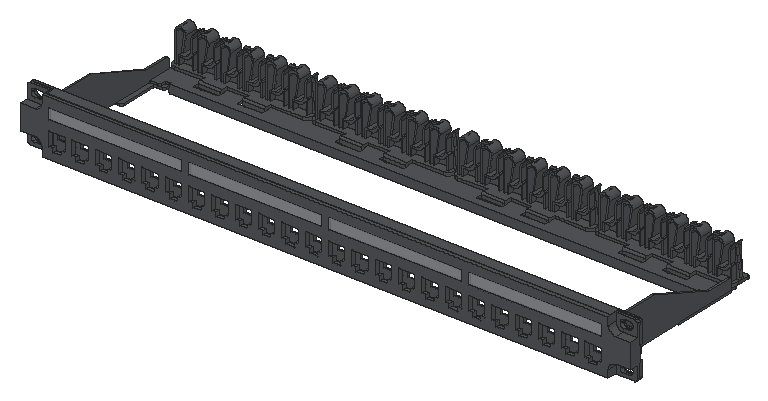
Revit family "Patch panel", category Equipement spécialisé, Revit 2020 (continued)
Forms (mm)
  Extrusion 73, solid, material "IDS_NOIR" <- "Color"
    from 0 to -1.5
  Extrusion 74, solid, material "IDS_NOIR" <- "Color"
    sketch origin (-18.1, 127.2, 8.1) x (0, 1, 0) y (1, 0, 0)
      loop
        line (97.1, 215.05) -> (97.1, 210.05) -> (103.1, 210.05) -> (103.1, 209.05)
        arc (103.1, 209.05) -> (103.393, 208.343) -> (104.1, 208.05) r 1
        line (104.1, 208.05) -> (105.1, 208.05)
        arc (105.1, 208.05) -> (105.807, 208.343) -> (106.1, 209.05) r 1
        line (106.1, 209.05) -> (106.1, 216.05)
        arc (106.1, 216.05) -> (105.807, 216.757) -> (105.1, 217.05) r 1
        line (105.1, 217.05) -> (104.1, 217.05)
        arc (104.1, 217.05) -> (103.393, 216.757) -> (103.1, 216.05) r 1
        line (103.1, 216.05) -> (103.1, 215.05) -> (97.1, 215.05)
    from 0 to -1.5
  Extrusion 75, solid, material "IDS_NOIR" <- "Color"
    sketch origin (-36.2, 127.2, 8.1) x (0, 1, 0) y (1, 0, 0)
      loop
        line (97.1, 215.05) -> (97.1, 210.05) -> (103.1, 210.05) -> (103.1, 209.05)
        arc (103.1, 209.05) -> (103.393, 208.343) -> (104.1, 208.05) r 1
        line (104.1, 208.05) -> (105.1, 208.05)
        arc (105.1, 208.05) -> (105.807, 208.343) -> (106.1, 209.05) r 1
        line (106.1, 209.05) -> (106.1, 216.05)
        arc (106.1, 216.05) -> (105.807, 216.757) -> (105.1, 217.05) r 1
        line (105.1, 217.05) -> (104.1, 217.05)
        arc (104.1, 217.05) -> (103.393, 216.757) -> (103.1, 216.05) r 1
        line (103.1, 216.05) -> (103.1, 215.05) -> (97.1, 215.05)
    from 0 to -1.5
  Extrusion 76, solid, material "IDS_NOIR" <- "Color"
    sketch origin (-54.3, 127.2, 8.1) x (0, 1, 0) y (1, 0, 0)
      loop
        line (97.1, 215.05) -> (97.1, 210.05) -> (103.1, 210.05) -> (103.1, 209.05)
        arc (103.1, 209.05) -> (103.393, 208.343) -> (104.1, 208.05) r 1
        line (104.1, 208.05) -> (105.1, 208.05)
        arc (105.1, 208.05) -> (105.807, 208.343) -> (106.1, 209.05) r 1
        line (106.1, 209.05) -> (106.1, 216.05)
        arc (106.1, 216.05) -> (105.807, 216.757) -> (105.1, 217.05) r 1
        line (105.1, 217.05) -> (104.1, 217.05)
        arc (104.1, 217.05) -> (103.393, 216.757) -> (103.1, 216.05) r 1
        line (103.1, 216.05) -> (103.1, 215.05) -> (97.1, 215.05)
    from 0 to -1.5
  Extrusion 77, solid, material "IDS_NOIR" <- "Color"
    sketch origin (-72.4, 127.2, 8.1) x (0, 1, 0) y (1, 0, 0)
      loop
        line (97.1, 215.05) -> (97.1, 210.05) -> (103.1, 210.05) -> (103.1, 209.05)
        arc (103.1, 209.05) -> (103.393, 208.343) -> (104.1, 208.05) r 1
        line (104.1, 208.05) -> (105.1, 208.05)
        arc (105.1, 208.05) -> (105.807, 208.343) -> (106.1, 209.05) r 1
        line (106.1, 209.05) -> (106.1, 216.05)
        arc (106.1, 216.05) -> (105.807, 216.757) -> (105.1, 217.05) r 1
        line (105.1, 217.05) -> (104.1, 217.05)
        arc (104.1, 217.05) -> (103.393, 216.757) -> (103.1, 216.05) r 1
        line (103.1, 216.05) -> (103.1, 215.05) -> (97.1, 215.05)
    from 0 to -1.5
  Extrusion 78, solid, material "IDS_NOIR" <- "Color"
    sketch origin (-90.5, 127.2, 8.1) x (0, 1, 0) y (1, 0, 0)
      loop
        line (97.1, 215.05) -> (97.1, 210.05) -> (103.1, 210.05) -> (103.1, 209.05)
        arc (103.1, 209.05) -> (103.393, 208.343) -> (104.1, 208.05) r 1
        line (104.1, 208.05) -> (105.1, 208.05)
        arc (105.1, 208.05) -> (105.807, 208.343) -> (106.1, 209.05) r 1
        line (106.1, 209.05) -> (106.1, 216.05)
        arc (106.1, 216.05) -> (105.807, 216.757) -> (105.1, 217.05) r 1
        line (105.1, 217.05) -> (104.1, 217.05)
        arc (104.1, 217.05) -> (103.393, 216.757) -> (103.1, 216.05) r 1
        line (103.1, 216.05) -> (103.1, 215.05) -> (97.1, 215.05)
    from 0 to -1.5
  Extrusion 79, solid, material "IDS_NOIR" <- "Color"
    sketch origin (-112, 127.2, 8.1) x (0, 1, 0) y (1, 0, 0)
      loop
        line (97.1, 215.05) -> (97.1, 210.05) -> (103.1, 210.05) -> (103.1, 209.05)
        arc (103.1, 209.05) -> (103.393, 208.343) -> (104.1, 208.05) r 1
        line (104.1, 208.05) -> (105.1, 208.05)
        arc (105.1, 208.05) -> (105.807, 208.343) -> (106.1, 209.05) r 1
        line (106.1, 209.05) -> (106.1, 216.05)
        arc (106.1, 216.05) -> (105.807, 216.757) -> (105.1, 217.05) r 1
        line (105.1, 217.05) -> (104.1, 217.05)
        arc (104.1, 217.05) -> (103.393, 216.757) -> (103.1, 216.05) r 1
        line (103.1, 216.05) -> (103.1, 215.05) -> (97.1, 215.05)
    from 0 to -1.5
  Extrusion 80, solid, material "IDS_NOIR" <- "Color"
    sketch origin (-130.1, 127.2, 8.1) x (0, 1, 0) y (1, 0, 0)
      loop
        line (97.1, 215.05) -> (97.1, 210.05) -> (103.1, 210.05) -> (103.1, 209.05)
        arc (103.1, 209.05) -> (103.393, 208.343) -> (104.1, 208.05) r 1
        line (104.1, 208.05) -> (105.1, 208.05)
        arc (105.1, 208.05) -> (105.807, 208.343) -> (106.1, 209.05) r 1
        line (106.1, 209.05) -> (106.1, 216.05)
        arc (106.1, 216.05) -> (105.807, 216.757) -> (105.1, 217.05) r 1
        line (105.1, 217.05) -> (104.1, 217.05)
        arc (104.1, 217.05) -> (103.393, 216.757) -> (103.1, 216.05) r 1
        line (103.1, 216.05) -> (103.1, 215.05) -> (97.1, 215.05)
    from 0 to -1.5
  Extrusion 81, solid, material "IDS_NOIR" <- "Color"
    sketch origin (-148.2, 127.2, 8.1) x (0, 1, 0) y (1, 0, 0)
      loop
        line (97.1, 215.05) -> (97.1, 210.05) -> (103.1, 210.05) -> (103.1, 209.05)
        arc (103.1, 209.05) -> (103.393, 208.343) -> (104.1, 208.05) r 1
        line (104.1, 208.05) -> (105.1, 208.05)
        arc (105.1, 208.05) -> (105.807, 208.343) -> (106.1, 209.05) r 1
        line (106.1, 209.05) -> (106.1, 216.05)
        arc (106.1, 216.05) -> (105.807, 216.757) -> (105.1, 217.05) r 1
        line (105.1, 217.05) -> (104.1, 217.05)
        arc (104.1, 217.05) -> (103.393, 216.757) -> (103.1, 216.05) r 1
        line (103.1, 216.05) -> (103.1, 215.05) -> (97.1, 215.05)
    from 0 to -1.5
  Extrusion 82, solid, material "IDS_NOIR" <- "Color"
    sketch origin (-166.3, 127.2, 8.1) x (0, 1, 0) y (1, 0, 0)
      loop
        line (97.1, 215.05) -> (97.1, 210.05) -> (103.1, 210.05) -> (103.1, 209.05)
        arc (103.1, 209.05) -> (103.393, 208.343) -> (104.1, 208.05) r 1
        line (104.1, 208.05) -> (105.1, 208.05)
        arc (105.1, 208.05) -> (105.807, 208.343) -> (106.1, 209.05) r 1
        line (106.1, 209.05) -> (106.1, 216.05)
        arc (106.1, 216.05) -> (105.807, 216.757) -> (105.1, 217.05) r 1
        line (105.1, 217.05) -> (104.1, 217.05)
        arc (104.1, 217.05) -> (103.393, 216.757) -> (103.1, 216.05) r 1
        line (103.1, 216.05) -> (103.1, 215.05) -> (97.1, 215.05)
    from 0 to -1.5
  Extrusion 83, solid, material "IDS_NOIR" <- "Color"
    sketch origin (-184.4, 127.2, 8.1) x (0, 1, 0) y (1, 0, 0)
      loop
        line (97.1, 215.05) -> (97.1, 210.05) -> (103.1, 210.05) -> (103.1, 209.05)
        arc (103.1, 209.05) -> (103.393, 208.343) -> (104.1, 208.05) r 1
        line (104.1, 208.05) -> (105.1, 208.05)
        arc (105.1, 208.05) -> (105.807, 208.343) -> (106.1, 209.05) r 1
        line (106.1, 209.05) -> (106.1, 216.05)
        arc (106.1, 216.05) -> (105.807, 216.757) -> (105.1, 217.05) r 1
        line (105.1, 217.05) -> (104.1, 217.05)
        arc (104.1, 217.05) -> (103.393, 216.757) -> (103.1, 216.05) r 1
        line (103.1, 216.05) -> (103.1, 215.05) -> (97.1, 215.05)
    from 0 to -1.5
  Extrusion 84, solid, material "IDS_NOIR" <- "Color"
    sketch origin (-202.5, 127.2, 8.1) x (0, 1, 0) y (1, 0, 0)
      loop
        line (97.1, 215.05) -> (97.1, 210.05) -> (103.1, 210.05) -> (103.1, 209.05)
        arc (103.1, 209.05) -> (103.393, 208.343) -> (104.1, 208.05) r 1
        line (104.1, 208.05) -> (105.1, 208.05)
        arc (105.1, 208.05) -> (105.807, 208.343) -> (106.1, 209.05) r 1
        line (106.1, 209.05) -> (106.1, 216.05)
        arc (106.1, 216.05) -> (105.807, 216.757) -> (105.1, 217.05) r 1
        line (105.1, 217.05) -> (104.1, 217.05)
        arc (104.1, 217.05) -> (103.393, 216.757) -> (103.1, 216.05) r 1
        line (103.1, 216.05) -> (103.1, 215.05) -> (97.1, 215.05)
    from 0 to -1.5
  Extrusion 85, solid, material "IDS_NOIR" <- "Color"
    sketch origin (446.6, 127.2, 8.1) x (0, -1, 0) y (-1, 0, 0)
      loop
        line (-97.1, 215.05) -> (-103.1, 215.05) -> (-103.1, 216.05)
        arc (-103.1, 216.05) -> (-103.393, 216.757) -> (-104.1, 217.05) r 1
        line (-104.1, 217.05) -> (-105.1, 217.05)
        arc (-105.1, 217.05) -> (-105.807, 216.757) -> (-106.1, 216.05) r 1
        line (-106.1, 216.05) -> (-106.1, 209.05)
        arc (-106.1, 209.05) -> (-105.807, 208.343) -> (-105.1, 208.05) r 1
        line (-105.1, 208.05) -> (-104.1, 208.05)
        arc (-104.1, 208.05) -> (-103.393, 208.343) -> (-103.1, 209.05) r 1
        line (-103.1, 209.05) -> (-103.1, 210.05) -> (-97.1, 210.05) -> (-97.1, 215.05)
    from 0 to -1.5
  Extrusion 86, solid, material "IDS_NOIR" <- "Color"
    sketch origin (464.7, 127.2, 8.1) x (0, -1, 0) y (-1, 0, 0)
      loop
        line (-97.1, 215.05) -> (-103.1, 215.05) -> (-103.1, 216.05)
        arc (-103.1, 216.05) -> (-103.393, 216.757) -> (-104.1, 217.05) r 1
        line (-104.1, 217.05) -> (-105.1, 217.05)
        arc (-105.1, 217.05) -> (-105.807, 216.757) -> (-106.1, 216.05) r 1
        line (-106.1, 216.05) -> (-106.1, 209.05)
        arc (-106.1, 209.05) -> (-105.807, 208.343) -> (-105.1, 208.05) r 1
        line (-105.1, 208.05) -> (-104.1, 208.05)
        arc (-104.1, 208.05) -> (-103.393, 208.343) -> (-103.1, 209.05) r 1
        line (-103.1, 209.05) -> (-103.1, 210.05) -> (-97.1, 210.05) -> (-97.1, 215.05)
    from 0 to -1.5
  Extrusion 87, solid, material "IDS_NOIR" <- "Color"
    sketch origin (482.8, 127.2, 8.1) x (0, -1, 0) y (-1, 0, 0)
      loop
        line (-97.1, 215.05) -> (-103.1, 215.05) -> (-103.1, 216.05)
        arc (-103.1, 216.05) -> (-103.393, 216.757) -> (-104.1, 217.05) r 1
        line (-104.1, 217.05) -> (-105.1, 217.05)
        arc (-105.1, 217.05) -> (-105.807, 216.757) -> (-106.1, 216.05) r 1
        line (-106.1, 216.05) -> (-106.1, 209.05)
        arc (-106.1, 209.05) -> (-105.807, 208.343) -> (-105.1, 208.05) r 1
        line (-105.1, 208.05) -> (-104.1, 208.05)
        arc (-104.1, 208.05) -> (-103.393, 208.343) -> (-103.1, 209.05) r 1
        line (-103.1, 209.05) -> (-103.1, 210.05) -> (-97.1, 210.05) -> (-97.1, 215.05)
    from 0 to -1.5
  Extrusion 88, solid, material "IDS_NOIR" <- "Color"
    sketch origin (500.9, 127.2, 8.1) x (0, -1, 0) y (-1, 0, 0)
      loop
        line (-97.1, 215.05) -> (-103.1, 215.05) -> (-103.1, 216.05)
        arc (-103.1, 216.05) -> (-103.393, 216.757) -> (-104.1, 217.05) r 1
        line (-104.1, 217.05) -> (-105.1, 217.05)
        arc (-105.1, 217.05) -> (-105.807, 216.757) -> (-106.1, 216.05) r 1
        line (-106.1, 216.05) -> (-106.1, 209.05)
        arc (-106.1, 209.05) -> (-105.807, 208.343) -> (-105.1, 208.05) r 1
        line (-105.1, 208.05) -> (-104.1, 208.05)
        arc (-104.1, 208.05) -> (-103.393, 208.343) -> (-103.1, 209.05) r 1
        line (-103.1, 209.05) -> (-103.1, 210.05) -> (-97.1, 210.05) -> (-97.1, 215.05)
    from 0 to -1.5
  Extrusion 89, solid, material "IDS_NOIR" <- "Color"
    sketch origin (519, 127.2, 8.1) x (0, -1, 0) y (-1, 0, 0)
      loop
        line (-97.1, 215.05) -> (-103.1, 215.05) -> (-103.1, 216.05)
        arc (-103.1, 216.05) -> (-103.393, 216.757) -> (-104.1, 217.05) r 1
        line (-104.1, 217.05) -> (-105.1, 217.05)
        arc (-105.1, 217.05) -> (-105.807, 216.757) -> (-106.1, 216.05) r 1
        line (-106.1, 216.05) -> (-106.1, 209.05)
        arc (-106.1, 209.05) -> (-105.807, 208.343) -> (-105.1, 208.05) r 1
        line (-105.1, 208.05) -> (-104.1, 208.05)
        arc (-104.1, 208.05) -> (-103.393, 208.343) -> (-103.1, 209.05) r 1
        line (-103.1, 209.05) -> (-103.1, 210.05) -> (-97.1, 210.05) -> (-97.1, 215.05)
    from 0 to -1.5
  Extrusion 90, solid, material "IDS_NOIR" <- "Color"
    sketch origin (537.1, 127.2, 8.1) x (0, -1, 0) y (-1, 0, 0)
      loop
        line (-97.1, 215.05) -> (-103.1, 215.05) -> (-103.1, 216.05)
        arc (-103.1, 216.05) -> (-103.393, 216.757) -> (-104.1, 217.05) r 1
        line (-104.1, 217.05) -> (-105.1, 217.05)
        arc (-105.1, 217.05) -> (-105.807, 216.757) -> (-106.1, 216.05) r 1
        line (-106.1, 216.05) -> (-106.1, 209.05)
        arc (-106.1, 209.05) -> (-105.807, 208.343) -> (-105.1, 208.05) r 1
        line (-105.1, 208.05) -> (-104.1, 208.05)
        arc (-104.1, 208.05) -> (-103.393, 208.343) -> (-103.1, 209.05) r 1
        line (-103.1, 209.05) -> (-103.1, 210.05) -> (-97.1, 210.05) -> (-97.1, 215.05)
    from 0 to -1.5
  Extrusion 91, solid, material "IDS_NOIR" <- "Color"
    sketch origin (558.6, 127.2, 8.1) x (0, -1, 0) y (-1, 0, 0)
      loop
        line (-97.1, 215.05) -> (-103.1, 215.05) -> (-103.1, 216.05)
        arc (-103.1, 216.05) -> (-103.393, 216.757) -> (-104.1, 217.05) r 1
        line (-104.1, 217.05) -> (-105.1, 217.05)
        arc (-105.1, 217.05) -> (-105.807, 216.757) -> (-106.1, 216.05) r 1
        line (-106.1, 216.05) -> (-106.1, 209.05)
        arc (-106.1, 209.05) -> (-105.807, 208.343) -> (-105.1, 208.05) r 1
        line (-105.1, 208.05) -> (-104.1, 208.05)
        arc (-104.1, 208.05) -> (-103.393, 208.343) -> (-103.1, 209.05) r 1
        line (-103.1, 209.05) -> (-103.1, 210.05) -> (-97.1, 210.05) -> (-97.1, 215.05)
    from 0 to -1.5
  Extrusion 92, solid, material "IDS_NOIR" <- "Color"
    sketch origin (576.7, 127.2, 8.1) x (0, -1, 0) y (-1, 0, 0)
      loop
        line (-97.1, 215.05) -> (-103.1, 215.05) -> (-103.1, 216.05)
        arc (-103.1, 216.05) -> (-103.393, 216.757) -> (-104.1, 217.05) r 1
        line (-104.1, 217.05) -> (-105.1, 217.05)
        arc (-105.1, 217.05) -> (-105.807, 216.757) -> (-106.1, 216.05) r 1
        line (-106.1, 216.05) -> (-106.1, 209.05)
        arc (-106.1, 209.05) -> (-105.807, 208.343) -> (-105.1, 208.05) r 1
        line (-105.1, 208.05) -> (-104.1, 208.05)
        arc (-104.1, 208.05) -> (-103.393, 208.343) -> (-103.1, 209.05) r 1
        line (-103.1, 209.05) -> (-103.1, 210.05) -> (-97.1, 210.05) -> (-97.1, 215.05)
    from 0 to -1.5
  Extrusion 93, solid, material "IDS_NOIR" <- "Color"
    sketch origin (594.8, 127.2, 8.1) x (0, -1, 0) y (-1, 0, 0)
      loop
        line (-97.1, 215.05) -> (-103.1, 215.05) -> (-103.1, 216.05)
        arc (-103.1, 216.05) -> (-103.393, 216.757) -> (-104.1, 217.05) r 1
        line (-104.1, 217.05) -> (-105.1, 217.05)
        arc (-105.1, 217.05) -> (-105.807, 216.757) -> (-106.1, 216.05) r 1
        line (-106.1, 216.05) -> (-106.1, 209.05)
        arc (-106.1, 209.05) -> (-105.807, 208.343) -> (-105.1, 208.05) r 1
        line (-105.1, 208.05) -> (-104.1, 208.05)
        arc (-104.1, 208.05) -> (-103.393, 208.343) -> (-103.1, 209.05) r 1
        line (-103.1, 209.05) -> (-103.1, 210.05) -> (-97.1, 210.05) -> (-97.1, 215.05)
    from 0 to -1.5
  Extrusion 94, solid, material "IDS_NOIR" <- "Color"
    sketch origin (612.9, 127.2, 8.1) x (0, -1, 0) y (-1, 0, 0)
      loop
        line (-97.1, 215.05) -> (-103.1, 215.05) -> (-103.1, 216.05)
        arc (-103.1, 216.05) -> (-103.393, 216.757) -> (-104.1, 217.05) r 1
        line (-104.1, 217.05) -> (-105.1, 217.05)
        arc (-105.1, 217.05) -> (-105.807, 216.757) -> (-106.1, 216.05) r 1
        line (-106.1, 216.05) -> (-106.1, 209.05)
        arc (-106.1, 209.05) -> (-105.807, 208.343) -> (-105.1, 208.05) r 1
        line (-105.1, 208.05) -> (-104.1, 208.05)
        arc (-104.1, 208.05) -> (-103.393, 208.343) -> (-103.1, 209.05) r 1
        line (-103.1, 209.05) -> (-103.1, 210.05) -> (-97.1, 210.05) -> (-97.1, 215.05)
    from 0 to -1.5
  Extrusion 95, solid, material "IDS_NOIR" <- "Color"
    sketch origin (631, 127.2, 8.1) x (0, -1, 0) y (-1, 0, 0)
      loop
        line (-97.1, 215.05) -> (-103.1, 215.05) -> (-103.1, 216.05)
        arc (-103.1, 216.05) -> (-103.393, 216.757) -> (-104.1, 217.05) r 1
        line (-104.1, 217.05) -> (-105.1, 217.05)
        arc (-105.1, 217.05) -> (-105.807, 216.757) -> (-106.1, 216.05) r 1
        line (-106.1, 216.05) -> (-106.1, 209.05)
        arc (-106.1, 209.05) -> (-105.807, 208.343) -> (-105.1, 208.05) r 1
        line (-105.1, 208.05) -> (-104.1, 208.05)
        arc (-104.1, 208.05) -> (-103.393, 208.343) -> (-103.1, 209.05) r 1
        line (-103.1, 209.05) -> (-103.1, 210.05) -> (-97.1, 210.05) -> (-97.1, 215.05)
    from 0 to -1.5
  Extrusion 96, solid, material "IDS_NOIR" <- "Color"
    sketch origin (649.1, 127.2, 8.1) x (0, -1, 0) y (-1, 0, 0)
      loop
        line (-97.1, 215.05) -> (-103.1, 215.05) -> (-103.1, 216.05)
        arc (-103.1, 216.05) -> (-103.393, 216.757) -> (-104.1, 217.05) r 1
        line (-104.1, 217.05) -> (-105.1, 217.05)
        arc (-105.1, 217.05) -> (-105.807, 216.757) -> (-106.1, 216.05) r 1
        line (-106.1, 216.05) -> (-106.1, 209.05)
        arc (-106.1, 209.05) -> (-105.807, 208.343) -> (-105.1, 208.05) r 1
        line (-105.1, 208.05) -> (-104.1, 208.05)
        arc (-104.1, 208.05) -> (-103.393, 208.343) -> (-103.1, 209.05) r 1
        line (-103.1, 209.05) -> (-103.1, 210.05) -> (-97.1, 210.05) -> (-97.1, 215.05)
    from 0 to -1.5
  Extrusion 97, solid, material "IDS_NOIR" <- "Color"
    sketch origin (0, 127.2, 9.6) x (1, 0, 0) y (0, 1, 0)
      loop
        line (5.4, 91.1) -> (106.4, 91.1)
        arc (106.4, 91.1) -> (109.936, 92.564) -> (111.4, 96.1) r 5
        line (111.4, 96.1) -> (111.4, 105.6)
        arc (111.4, 105.6) -> (110.814, 107.014) -> (109.4, 107.6) r 2
        line (109.4, 107.6) -> (2.4, 107.6)
        arc (2.4, 107.6) -> (0.986, 107.014) -> (0.4, 105.6) r 2
        line (0.4, 105.6) -> (0.4, 96.1)
        arc (0.4, 96.1) -> (1.864, 92.564) -> (5.4, 91.1) r 5
    from 0 to 2
  Extrusion 98, solid, material "IDS_NOIR" <- "Color"
    sketch origin (28.9, 239.845, 1200) x (0, 1, 0) y (0, 0, 1)
      loop
        line (-21.545, -1190.4) -> (-21.545, -1188.4) -> (-26.045, -1188.4)
        arc (-26.045, -1188.4) -> (-27.106, -1188.839) -> (-27.545, -1189.9) r 1.5
        line (-27.545, -1189.9) -> (-27.545, -1192.9)
        arc (-27.545, -1192.9) -> (-27.106, -1193.961) -> (-26.045, -1194.4) r 1.5
        line (-26.045, -1194.4) -> (-23.545, -1194.4) -> (-23.545, -1192.4) -> (-25.545, -1192.4) -> (-25.545, -1190.4) -> (-21.545, -1190.4)
    from 0 to 18
  Extrusion 99, solid, material "IDS_NOIR" <- "Color"
    sketch origin (81.7, 239.845, 1200) x (0, 1, 0) y (0, 0, -1)
      loop
        line (-21.545, 1190.4) -> (-25.545, 1190.4) -> (-25.545, 1192.4) -> (-23.545, 1192.4) -> (-23.545, 1194.4) -> (-26.045, 1194.4)
        arc (-26.045, 1194.4) -> (-27.106, 1193.961) -> (-27.545, 1192.9) r 1.5
        line (-27.545, 1192.9) -> (-27.545, 1189.9)
        arc (-27.545, 1189.9) -> (-27.106, 1188.839) -> (-26.045, 1188.4) r 1.5
        line (-26.045, 1188.4) -> (-21.545, 1188.4) -> (-21.545, 1190.4)
    from 0 to 18
  Extrusion 100, solid, material "IDS_NOIR" <- "Color"
    sketch origin (5.4, 247.204, 1200) x (0, 1, 0) y (0, 0, 1)
      loop
        line (-12.404, -1190.401) -> (-13.654, -1190.401) -> (-13.654, -1195.9) -> (-12.404, -1195.9) -> (-12.404, -1190.401)
    from 0 to 22
  Extrusion 101, solid, material "IDS_NOIR" <- "Color"
    sketch origin (7.9, 236.327, 1200) x (0, 1, 0) y (0, 0, 1)
      loop
        line (-4.027, -1192.4) -> (-4.027, -1195.9) -> (-2.777, -1195.9) -> (-2.777, -1192.4) -> (-4.027, -1192.4)
    from 0 to 4
  Extrusion 102, void
    sketch origin (5.4, 247.204, 1200) x (0, -1, 0) y (0, 0, 1)
      loop
        line (12.904, -1195.9) -> (14.904, -1195.9) -> (14.904, -1193.4) -> (12.904, -1195.9)
    from 0 to -22
  Extrusion 103, solid, material "IDS_NOIR" <- "Color"
    sketch origin (105.2, 247.204, 1200) x (0, 1, 0) y (0, 0, -1)
      loop
        line (-12.404, 1190.401) -> (-12.404, 1195.9) -> (-13.654, 1195.9) -> (-13.654, 1190.401) -> (-12.404, 1190.401)
    from 0 to 22
  Extrusion 104, solid, material "IDS_NOIR" <- "Color"
    sketch origin (102.7, 236.327, 1200) x (0, 1, 0) y (0, 0, -1)
      loop
        line (-4.027, 1192.4) -> (-2.777, 1192.4) -> (-2.777, 1195.9) -> (-4.027, 1195.9) -> (-4.027, 1192.4)
    from 0 to 4
  Extrusion 105, void
    sketch origin (105.2, 247.204, 1200) x (0, -1, 0) y (0, 0, -1)
      loop
        line (12.904, 1195.9) -> (14.904, 1193.4) -> (14.904, 1195.9) -> (12.904, 1195.9)
    from 0 to -22
  Extrusion 106, solid, material "IDS_NOIR" <- "Color"
    sketch origin (-28, 231.765, 1200) x (-1, 0, 0) y (0, 0, 1)
      loop
        line (-30.74, -1188.4) -> (-30.74, -1165.4)
        arc (-30.74, -1165.4) -> (-35.283, -1161.16) -> (-39.2, -1165.985) r 4.25
        line (-39.2, -1165.985) -> (-37.4, -1178.928) -> (-36.211, -1178.763) -> (-38.011, -1165.82)
        arc (-38.011, -1165.82) -> (-35.201, -1162.357) -> (-31.94, -1165.4) r 3.05
        line (-31.94, -1165.4) -> (-31.94, -1188.4) -> (-30.74, -1188.4)
      loop
        line (-44.7, -1176.6) -> (-45.54, -1177.3)
        arc (-45.54, -1177.3) -> (-45.806, -1177.644) -> (-45.9, -1178.068) r 1
        line (-45.9, -1178.068) -> (-45.9, -1188.4) -> (-44.7, -1188.4) -> (-44.7, -1179.283)
        arc (-44.7, -1179.283) -> (-44.465, -1178.991) -> (-44.129, -1179.156) r 0.3
        arc (-44.129, -1179.156) -> (-41.915, -1181.666) -> (-38.7, -1182.6) r 6
        line (-38.7, -1182.6) -> (-34.9, -1182.6) -> (-34.9, -1188.4) -> (-33.7, -1188.4) -> (-33.7, -1182.4)
        arc (-33.7, -1182.4) -> (-33.993, -1181.693) -> (-34.7, -1181.4) r 1
        line (-34.7, -1181.4) -> (-37.5, -1181.4)
        arc (-37.5, -1181.4) -> (-41.743, -1179.643) -> (-43.5, -1175.4) r 6
        line (-43.5, -1175.4) -> (-43.5, -1166.45) -> (-44.7, -1163.4) -> (-45.9, -1163.4) -> (-44.7, -1166.45) -> (-44.7, -1176.6)
    from 0 to -10
  Extrusion 107, solid, material "IDS_NOIR" <- "Color"
    sketch origin (-10, 231.765, 1200) x (-1, 0, 0) y (0, 0, 1)
      loop
        line (-30.74, -1188.4) -> (-30.74, -1165.4)
        arc (-30.74, -1165.4) -> (-35.283, -1161.16) -> (-39.2, -1165.985) r 4.25
        line (-39.2, -1165.985) -> (-37.4, -1178.928) -> (-36.211, -1178.763) -> (-38.011, -1165.82)
        arc (-38.011, -1165.82) -> (-35.201, -1162.357) -> (-31.94, -1165.4) r 3.05
        line (-31.94, -1165.4) -> (-31.94, -1188.4) -> (-30.74, -1188.4)
      loop
        line (-44.7, -1176.6) -> (-45.54, -1177.3)
        arc (-45.54, -1177.3) -> (-45.806, -1177.644) -> (-45.9, -1178.068) r 1
        line (-45.9, -1178.068) -> (-45.9, -1188.4) -> (-44.7, -1188.4) -> (-44.7, -1179.283)
        arc (-44.7, -1179.283) -> (-44.465, -1178.991) -> (-44.129, -1179.156) r 0.3
        arc (-44.129, -1179.156) -> (-41.915, -1181.666) -> (-38.7, -1182.6) r 6
        line (-38.7, -1182.6) -> (-34.9, -1182.6) -> (-34.9, -1188.4) -> (-33.7, -1188.4) -> (-33.7, -1182.4)
        arc (-33.7, -1182.4) -> (-33.993, -1181.693) -> (-34.7, -1181.4) r 1
        line (-34.7, -1181.4) -> (-37.5, -1181.4)
        arc (-37.5, -1181.4) -> (-41.743, -1179.643) -> (-43.5, -1175.4) r 6
        line (-43.5, -1175.4) -> (-43.5, -1166.45) -> (-44.7, -1163.4) -> (-45.9, -1163.4) -> (-44.7, -1166.45) -> (-44.7, -1176.6)
    from 0 to -10
  Extrusion 108, solid, material "IDS_NOIR" <- "Color"
    sketch origin (8, 231.765, 1200) x (-1, 0, 0) y (0, 0, 1)
      loop
        line (-30.74, -1188.4) -> (-30.74, -1165.4)
        arc (-30.74, -1165.4) -> (-35.283, -1161.16) -> (-39.2, -1165.985) r 4.25
        line (-39.2, -1165.985) -> (-37.4, -1178.928) -> (-36.211, -1178.763) -> (-38.011, -1165.82)
        arc (-38.011, -1165.82) -> (-35.201, -1162.357) -> (-31.94, -1165.4) r 3.05
        line (-31.94, -1165.4) -> (-31.94, -1188.4) -> (-30.74, -1188.4)
      loop
        line (-44.7, -1176.6) -> (-45.54, -1177.3)
        arc (-45.54, -1177.3) -> (-45.806, -1177.644) -> (-45.9, -1178.068) r 1
        line (-45.9, -1178.068) -> (-45.9, -1188.4) -> (-44.7, -1188.4) -> (-44.7, -1179.283)
        arc (-44.7, -1179.283) -> (-44.465, -1178.991) -> (-44.129, -1179.156) r 0.3
        arc (-44.129, -1179.156) -> (-41.915, -1181.666) -> (-38.7, -1182.6) r 6
        line (-38.7, -1182.6) -> (-34.9, -1182.6) -> (-34.9, -1188.4) -> (-33.7, -1188.4) -> (-33.7, -1182.4)
        arc (-33.7, -1182.4) -> (-33.993, -1181.693) -> (-34.7, -1181.4) r 1
        line (-34.7, -1181.4) -> (-37.5, -1181.4)
        arc (-37.5, -1181.4) -> (-41.743, -1179.643) -> (-43.5, -1175.4) r 6
        line (-43.5, -1175.4) -> (-43.5, -1166.45) -> (-44.7, -1163.4) -> (-45.9, -1163.4) -> (-44.7, -1166.45) -> (-44.7, -1176.6)
    from 0 to -10
  Extrusion 109, solid, material "IDS_NOIR" <- "Color"
    sketch origin (26, 231.765, 1200) x (-1, 0, 0) y (0, 0, 1)
      loop
        line (-30.74, -1188.4) -> (-30.74, -1165.4)
        arc (-30.74, -1165.4) -> (-35.283, -1161.16) -> (-39.2, -1165.985) r 4.25
        line (-39.2, -1165.985) -> (-37.4, -1178.928) -> (-36.211, -1178.763) -> (-38.011, -1165.82)
        arc (-38.011, -1165.82) -> (-35.201, -1162.357) -> (-31.94, -1165.4) r 3.05
        line (-31.94, -1165.4) -> (-31.94, -1188.4) -> (-30.74, -1188.4)
      loop
        line (-44.7, -1176.6) -> (-45.54, -1177.3)
        arc (-45.54, -1177.3) -> (-45.806, -1177.644) -> (-45.9, -1178.068) r 1
        line (-45.9, -1178.068) -> (-45.9, -1188.4) -> (-44.7, -1188.4) -> (-44.7, -1179.283)
        arc (-44.7, -1179.283) -> (-44.465, -1178.991) -> (-44.129, -1179.156) r 0.3
        arc (-44.129, -1179.156) -> (-41.915, -1181.666) -> (-38.7, -1182.6) r 6
        line (-38.7, -1182.6) -> (-34.9, -1182.6) -> (-34.9, -1188.4) -> (-33.7, -1188.4) -> (-33.7, -1182.4)
        arc (-33.7, -1182.4) -> (-33.993, -1181.693) -> (-34.7, -1181.4) r 1
        line (-34.7, -1181.4) -> (-37.5, -1181.4)
        arc (-37.5, -1181.4) -> (-41.743, -1179.643) -> (-43.5, -1175.4) r 6
        line (-43.5, -1175.4) -> (-43.5, -1166.45) -> (-44.7, -1163.4) -> (-45.9, -1163.4) -> (-44.7, -1166.45) -> (-44.7, -1176.6)
    from 0 to -10
  Extrusion 110, solid, material "IDS_NOIR" <- "Color"
    sketch origin (44, 231.765, 1200) x (-1, 0, 0) y (0, 0, 1)
      loop
        line (-30.74, -1188.4) -> (-30.74, -1165.4)
        arc (-30.74, -1165.4) -> (-35.283, -1161.16) -> (-39.2, -1165.985) r 4.25
        line (-39.2, -1165.985) -> (-37.4, -1178.928) -> (-36.211, -1178.763) -> (-38.011, -1165.82)
        arc (-38.011, -1165.82) -> (-35.201, -1162.357) -> (-31.94, -1165.4) r 3.05
        line (-31.94, -1165.4) -> (-31.94, -1188.4) -> (-30.74, -1188.4)
      loop
        line (-44.7, -1176.6) -> (-45.54, -1177.3)
        arc (-45.54, -1177.3) -> (-45.806, -1177.644) -> (-45.9, -1178.068) r 1
        line (-45.9, -1178.068) -> (-45.9, -1188.4) -> (-44.7, -1188.4) -> (-44.7, -1179.283)
        arc (-44.7, -1179.283) -> (-44.465, -1178.991) -> (-44.129, -1179.156) r 0.3
        arc (-44.129, -1179.156) -> (-41.915, -1181.666) -> (-38.7, -1182.6) r 6
        line (-38.7, -1182.6) -> (-34.9, -1182.6) -> (-34.9, -1188.4) -> (-33.7, -1188.4) -> (-33.7, -1182.4)
        arc (-33.7, -1182.4) -> (-33.993, -1181.693) -> (-34.7, -1181.4) r 1
        line (-34.7, -1181.4) -> (-37.5, -1181.4)
        arc (-37.5, -1181.4) -> (-41.743, -1179.643) -> (-43.5, -1175.4) r 6
        line (-43.5, -1175.4) -> (-43.5, -1166.45) -> (-44.7, -1163.4) -> (-45.9, -1163.4) -> (-44.7, -1166.45) -> (-44.7, -1176.6)
    from 0 to -10
  Extrusion 111, solid, material "IDS_NOIR" <- "Color"
    sketch origin (62, 231.765, 1200) x (-1, 0, 0) y (0, 0, 1)
      loop
        line (-30.74, -1188.4) -> (-30.74, -1165.4)
        arc (-30.74, -1165.4) -> (-35.283, -1161.16) -> (-39.2, -1165.985) r 4.25
        line (-39.2, -1165.985) -> (-37.4, -1178.928) -> (-36.211, -1178.763) -> (-38.011, -1165.82)
        arc (-38.011, -1165.82) -> (-35.201, -1162.357) -> (-31.94, -1165.4) r 3.05
        line (-31.94, -1165.4) -> (-31.94, -1188.4) -> (-30.74, -1188.4)
      loop
        line (-44.7, -1176.6) -> (-45.54, -1177.3)
        arc (-45.54, -1177.3) -> (-45.806, -1177.644) -> (-45.9, -1178.068) r 1
        line (-45.9, -1178.068) -> (-45.9, -1188.4) -> (-44.7, -1188.4) -> (-44.7, -1179.283)
        arc (-44.7, -1179.283) -> (-44.465, -1178.991) -> (-44.129, -1179.156) r 0.3
        arc (-44.129, -1179.156) -> (-41.915, -1181.666) -> (-38.7, -1182.6) r 6
        line (-38.7, -1182.6) -> (-34.9, -1182.6) -> (-34.9, -1188.4) -> (-33.7, -1188.4) -> (-33.7, -1182.4)
        arc (-33.7, -1182.4) -> (-33.993, -1181.693) -> (-34.7, -1181.4) r 1
        line (-34.7, -1181.4) -> (-37.5, -1181.4)
        arc (-37.5, -1181.4) -> (-41.743, -1179.643) -> (-43.5, -1175.4) r 6
        line (-43.5, -1175.4) -> (-43.5, -1166.45) -> (-44.7, -1163.4) -> (-45.9, -1163.4) -> (-44.7, -1166.45) -> (-44.7, -1176.6)
    from 0 to -10
  Extrusion 112, solid, material "IDS_NOIR" <- "Color"
    sketch origin (-11.064, 226.765, 1200) x (-1, 0, 0) y (0, 0, 1)
      loop
        line (-28.964, -1163.4) -> (-28.964, -1173.921)
        arc (-28.964, -1173.921) -> (-29.228, -1174.219) -> (-29.555, -1173.994) r 0.3
        line (-29.555, -1173.994) -> (-31.804, -1165.028) -> (-31.804, -1188.4) -> (-28.964, -1188.4) -> (-28.964, -1178.068)
        arc (-28.964, -1178.068) -> (-28.87, -1177.644) -> (-28.605, -1177.3) r 1
        line (-28.605, -1177.3) -> (-27.764, -1176.6) -> (-27.764, -1166.45) -> (-28.964, -1163.4)
      loop
        line (-27.764, -1188.4) -> (-17.964, -1188.4) -> (-17.964, -1182.6) -> (-21.764, -1182.6)
        arc (-21.764, -1182.6) -> (-24.979, -1181.666) -> (-27.193, -1179.156) r 6
        arc (-27.193, -1179.156) -> (-27.53, -1178.991) -> (-27.764, -1179.283) r 0.3
        line (-27.764, -1179.283) -> (-27.764, -1188.4)
      loop
        line (-16.764, -1182.4) -> (-16.764, -1188.4) -> (-15.004, -1188.4) -> (-15.004, -1182.4) -> (-16.764, -1182.4)
      loop
        line (-13.804, -1188.4) -> (-11.464, -1188.4) -> (-13.804, -1165.4) -> (-13.804, -1188.4)
    from 1 to -1
  Extrusion 113, solid, material "IDS_NOIR" <- "Color"
    sketch origin (6.936, 226.765, 1200) x (-1, 0, 0) y (0, 0, 1)
      loop
        line (-28.964, -1163.4) -> (-28.964, -1173.921)
        arc (-28.964, -1173.921) -> (-29.228, -1174.219) -> (-29.555, -1173.994) r 0.3
        line (-29.555, -1173.994) -> (-31.804, -1165.028) -> (-31.804, -1188.4) -> (-28.964, -1188.4) -> (-28.964, -1178.068)
        arc (-28.964, -1178.068) -> (-28.87, -1177.644) -> (-28.605, -1177.3) r 1
        line (-28.605, -1177.3) -> (-27.764, -1176.6) -> (-27.764, -1166.45) -> (-28.964, -1163.4)
      loop
        line (-27.764, -1188.4) -> (-17.964, -1188.4) -> (-17.964, -1182.6) -> (-21.764, -1182.6)
        arc (-21.764, -1182.6) -> (-24.979, -1181.666) -> (-27.193, -1179.156) r 6
        arc (-27.193, -1179.156) -> (-27.53, -1178.991) -> (-27.764, -1179.283) r 0.3
        line (-27.764, -1179.283) -> (-27.764, -1188.4)
      loop
        line (-16.764, -1182.4) -> (-16.764, -1188.4) -> (-15.229, -1188.4) -> (-15.229, -1182.4) -> (-16.764, -1182.4)
    from 1 to -1
  Extrusion 114, solid, material "IDS_NOIR" <- "Color"
    sketch origin (24.936, 226.765, 1200) x (-1, 0, 0) y (0, 0, 1)
      loop
        line (-28.964, -1163.4) -> (-28.964, -1173.921)
        arc (-28.964, -1173.921) -> (-29.228, -1174.219) -> (-29.555, -1173.994) r 0.3
        line (-29.555, -1173.994) -> (-31.804, -1165.028) -> (-31.804, -1188.4) -> (-28.964, -1188.4) -> (-28.964, -1178.068)
        arc (-28.964, -1178.068) -> (-28.87, -1177.644) -> (-28.605, -1177.3) r 1
        line (-28.605, -1177.3) -> (-27.764, -1176.6) -> (-27.764, -1166.45) -> (-28.964, -1163.4)
      loop
        line (-27.764, -1188.4) -> (-17.964, -1188.4) -> (-17.964, -1182.6) -> (-21.764, -1182.6)
        arc (-21.764, -1182.6) -> (-24.979, -1181.666) -> (-27.193, -1179.156) r 6
        arc (-27.193, -1179.156) -> (-27.53, -1178.991) -> (-27.764, -1179.283) r 0.3
        line (-27.764, -1179.283) -> (-27.764, -1188.4)
      loop
        line (-16.764, -1182.4) -> (-16.764, -1188.4) -> (-15.004, -1188.4) -> (-15.004, -1182.4) -> (-16.764, -1182.4)
    from 1 to -1
  Extrusion 115, solid, material "IDS_NOIR" <- "Color"
    sketch origin (42.936, 226.765, 1200) x (-1, 0, 0) y (0, 0, 1)
      loop
        line (-28.964, -1163.4) -> (-28.964, -1173.921)
        arc (-28.964, -1173.921) -> (-29.228, -1174.219) -> (-29.555, -1173.994) r 0.3
        line (-29.555, -1173.994) -> (-31.804, -1165.028) -> (-31.804, -1188.4) -> (-28.964, -1188.4) -> (-28.964, -1178.068)
        arc (-28.964, -1178.068) -> (-28.87, -1177.644) -> (-28.605, -1177.3) r 1
        line (-28.605, -1177.3) -> (-27.764, -1176.6) -> (-27.764, -1166.45) -> (-28.964, -1163.4)
      loop
        line (-27.764, -1188.4) -> (-17.964, -1188.4) -> (-17.964, -1182.6) -> (-21.764, -1182.6)
        arc (-21.764, -1182.6) -> (-24.979, -1181.666) -> (-27.193, -1179.156) r 6
        arc (-27.193, -1179.156) -> (-27.53, -1178.991) -> (-27.764, -1179.283) r 0.3
        line (-27.764, -1179.283) -> (-27.764, -1188.4)
      loop
        line (-16.764, -1182.4) -> (-16.764, -1188.4) -> (-15.004, -1188.4) -> (-15.004, -1182.4) -> (-16.764, -1182.4)
    from 1 to -1
  Extrusion 116, solid, material "IDS_NOIR" <- "Color"
    sketch origin (60.936, 226.765, 1200) x (-1, 0, 0) y (0, 0, 1)
      loop
        line (-28.964, -1163.4) -> (-28.964, -1173.921)
        arc (-28.964, -1173.921) -> (-29.228, -1174.219) -> (-29.555, -1173.994) r 0.3
        line (-29.555, -1173.994) -> (-31.804, -1165.028) -> (-31.804, -1188.4) -> (-28.964, -1188.4) -> (-28.964, -1178.068)
        arc (-28.964, -1178.068) -> (-28.87, -1177.644) -> (-28.605, -1177.3) r 1
        line (-28.605, -1177.3) -> (-27.764, -1176.6) -> (-27.764, -1166.45) -> (-28.964, -1163.4)
      loop
        line (-27.764, -1188.4) -> (-17.964, -1188.4) -> (-17.964, -1182.6) -> (-21.764, -1182.6)
        arc (-21.764, -1182.6) -> (-24.979, -1181.666) -> (-27.193, -1179.156) r 6
        arc (-27.193, -1179.156) -> (-27.53, -1178.991) -> (-27.764, -1179.283) r 0.3
        line (-27.764, -1179.283) -> (-27.764, -1188.4)
      loop
        line (-16.764, -1182.4) -> (-16.764, -1188.4) -> (-15.004, -1188.4) -> (-15.004, -1182.4) -> (-16.764, -1182.4)
    from 1 to -1
  Extrusion 117, solid, material "IDS_NOIR" <- "Color"
    sketch origin (78.936, 226.765, 1200) x (-1, 0, 0) y (0, 0, 1)
      loop
        line (-32.464, -1188.4) -> (-28.964, -1188.4) -> (-28.964, -1178.068)
        arc (-28.964, -1178.068) -> (-28.87, -1177.644) -> (-28.605, -1177.3) r 1
        line (-28.605, -1177.3) -> (-27.764, -1176.6) -> (-27.764, -1166.45) -> (-28.819, -1163.769) -> (-32.464, -1188.4)
      loop
        line (-27.764, -1188.4) -> (-17.964, -1188.4) -> (-17.964, -1182.6) -> (-21.764, -1182.6)
        arc (-21.764, -1182.6) -> (-24.979, -1181.666) -> (-27.193, -1179.156) r 6
        arc (-27.193, -1179.156) -> (-27.53, -1178.991) -> (-27.764, -1179.283) r 0.3
        line (-27.764, -1179.283) -> (-27.764, -1188.4)
      loop
        line (-16.764, -1182.4) -> (-16.764, -1188.4) -> (-15.004, -1188.4) -> (-15.004, -1182.4) -> (-16.764, -1182.4)
    from 1 to -1
  Extrusion 118, solid, material "IDS_NOIR" <- "Color"
    sketch origin (-11.064, 226.765, 1200) x (-1, 0, 0) y (0, 0, 1)
      loop
        arc (-36.054, -1161.15) -> (-33.708, -1161.856) -> (-32.142, -1163.74) r 4.25
        arc (-32.142, -1163.74) -> (-32.055, -1162.798) -> (-31.221, -1162.35) r 1
        line (-31.221, -1162.35) -> (-28.964, -1162.35) -> (-28.964, -1161.15) -> (-36.054, -1161.15)
    from -1 to 1
  Extrusion 119, solid, material "IDS_NOIR" <- "Color"
    sketch origin (6.936, 226.765, 1200) x (-1, 0, 0) y (0, 0, 1)
      loop
        arc (-36.054, -1161.15) -> (-33.708, -1161.856) -> (-32.142, -1163.74) r 4.25
        arc (-32.142, -1163.74) -> (-32.055, -1162.798) -> (-31.221, -1162.35) r 1
        line (-31.221, -1162.35) -> (-28.964, -1162.35) -> (-28.964, -1161.15) -> (-36.054, -1161.15)
    from -1 to 1
  Extrusion 120, solid, material "IDS_NOIR" <- "Color"
    sketch origin (24.936, 226.765, 1200) x (-1, 0, 0) y (0, 0, 1)
      loop
        arc (-36.054, -1161.15) -> (-33.708, -1161.856) -> (-32.142, -1163.74) r 4.25
        arc (-32.142, -1163.74) -> (-32.055, -1162.798) -> (-31.221, -1162.35) r 1
        line (-31.221, -1162.35) -> (-28.964, -1162.35) -> (-28.964, -1161.15) -> (-36.054, -1161.15)
    from -1 to 1
  Extrusion 121, solid, material "IDS_NOIR" <- "Color"
    sketch origin (42.936, 226.765, 1200) x (-1, 0, 0) y (0, 0, 1)
      loop
        arc (-36.054, -1161.15) -> (-33.708, -1161.856) -> (-32.142, -1163.74) r 4.25
        arc (-32.142, -1163.74) -> (-32.055, -1162.798) -> (-31.221, -1162.35) r 1
        line (-31.221, -1162.35) -> (-28.964, -1162.35) -> (-28.964, -1161.15) -> (-36.054, -1161.15)
    from -1 to 1
  Extrusion 122, solid, material "IDS_NOIR" <- "Color"
    sketch origin (60.936, 226.765, 1200) x (-1, 0, 0) y (0, 0, 1)
      loop
        arc (-36.054, -1161.15) -> (-33.708, -1161.856) -> (-32.142, -1163.74) r 4.25
        arc (-32.142, -1163.74) -> (-32.055, -1162.798) -> (-31.221, -1162.35) r 1
        line (-31.221, -1162.35) -> (-28.964, -1162.35) -> (-28.964, -1161.15) -> (-36.054, -1161.15)
    from -1 to 1
  Extrusion 123, solid, material "IDS_NOIR" <- "Color"
    sketch origin (111.5, 127.2, 9.6) x (1, 0, 0) y (0, 1, 0)
      loop
        line (5.4, 91.1) -> (106.4, 91.1)
        arc (106.4, 91.1) -> (109.936, 92.564) -> (111.4, 96.1) r 5
        line (111.4, 96.1) -> (111.4, 105.6)
        arc (111.4, 105.6) -> (110.814, 107.014) -> (109.4, 107.6) r 2
        line (109.4, 107.6) -> (2.4, 107.6)
        arc (2.4, 107.6) -> (0.986, 107.014) -> (0.4, 105.6) r 2
        line (0.4, 105.6) -> (0.4, 96.1)
        arc (0.4, 96.1) -> (1.864, 92.564) -> (5.4, 91.1) r 5
    from 0 to 2
  Extrusion 124, solid, material "IDS_NOIR" <- "Color"
    sketch origin (140.4, 239.845, 1200) x (0, 1, 0) y (0, 0, 1)
      loop
        line (-21.545, -1190.4) -> (-21.545, -1188.4) -> (-26.045, -1188.4)
        arc (-26.045, -1188.4) -> (-27.106, -1188.839) -> (-27.545, -1189.9) r 1.5
        line (-27.545, -1189.9) -> (-27.545, -1192.9)
        arc (-27.545, -1192.9) -> (-27.106, -1193.961) -> (-26.045, -1194.4) r 1.5
        line (-26.045, -1194.4) -> (-23.545, -1194.4) -> (-23.545, -1192.4) -> (-25.545, -1192.4) -> (-25.545, -1190.4) -> (-21.545, -1190.4)
    from 0 to 18
  Extrusion 125, solid, material "IDS_NOIR" <- "Color"
    sketch origin (193.2, 239.845, 1200) x (0, 1, 0) y (0, 0, -1)
      loop
        line (-21.545, 1190.4) -> (-25.545, 1190.4) -> (-25.545, 1192.4) -> (-23.545, 1192.4) -> (-23.545, 1194.4) -> (-26.045, 1194.4)
        arc (-26.045, 1194.4) -> (-27.106, 1193.961) -> (-27.545, 1192.9) r 1.5
        line (-27.545, 1192.9) -> (-27.545, 1189.9)
        arc (-27.545, 1189.9) -> (-27.106, 1188.839) -> (-26.045, 1188.4) r 1.5
        line (-26.045, 1188.4) -> (-21.545, 1188.4) -> (-21.545, 1190.4)
    from 0 to 18
  Extrusion 126, solid, material "IDS_NOIR" <- "Color"
    sketch origin (116.9, 247.204, 1200) x (0, 1, 0) y (0, 0, 1)
      loop
        line (-12.404, -1190.401) -> (-13.654, -1190.401) -> (-13.654, -1195.9) -> (-12.404, -1195.9) -> (-12.404, -1190.401)
    from 0 to 22
  Extrusion 127, solid
    sketch origin (119.4, 236.327, 1200) x (0, 1, 0) y (0, 0, 1)
      loop
        line (-4.027, -1192.4) -> (-4.027, -1195.9) -> (-2.777, -1195.9) -> (-2.777, -1192.4) -> (-4.027, -1192.4)
    from 0 to 4
  Extrusion 128, void
    sketch origin (116.9, 247.204, 1200) x (0, -1, 0) y (0, 0, 1)
      loop
        line (12.904, -1195.9) -> (14.904, -1195.9) -> (14.904, -1193.4) -> (12.904, -1195.9)
    from 0 to -22
  Extrusion 129, solid, material "IDS_NOIR" <- "Color"
    sketch origin (216.7, 247.204, 1200) x (0, 1, 0) y (0, 0, -1)
      loop
        line (-12.404, 1190.401) -> (-12.404, 1195.9) -> (-13.654, 1195.9) -> (-13.654, 1190.401) -> (-12.404, 1190.401)
    from 0 to 22
  Extrusion 130, solid
    sketch origin (214.2, 236.327, 1200) x (0, 1, 0) y (0, 0, -1)
      loop
        line (-4.027, 1192.4) -> (-2.777, 1192.4) -> (-2.777, 1195.9) -> (-4.027, 1195.9) -> (-4.027, 1192.4)
    from 0 to 4
  Extrusion 131, void
    sketch origin (216.7, 247.204, 1200) x (0, -1, 0) y (0, 0, -1)
      loop
        line (12.904, 1195.9) -> (14.904, 1193.4) -> (14.904, 1195.9) -> (12.904, 1195.9)
    from 0 to -22
  Extrusion 132, solid, material "IDS_NOIR" <- "Color"
    sketch origin (83.5, 231.765, 1200) x (-1, 0, 0) y (0, 0, 1)
      loop
        line (-30.74, -1188.4) -> (-30.74, -1165.4)
        arc (-30.74, -1165.4) -> (-35.283, -1161.16) -> (-39.2, -1165.985) r 4.25
        line (-39.2, -1165.985) -> (-37.4, -1178.928) -> (-36.211, -1178.763) -> (-38.011, -1165.82)
        arc (-38.011, -1165.82) -> (-35.201, -1162.357) -> (-31.94, -1165.4) r 3.05
        line (-31.94, -1165.4) -> (-31.94, -1188.4) -> (-30.74, -1188.4)
      loop
        line (-44.7, -1176.6) -> (-45.54, -1177.3)
        arc (-45.54, -1177.3) -> (-45.806, -1177.644) -> (-45.9, -1178.068) r 1
        line (-45.9, -1178.068) -> (-45.9, -1188.4) -> (-44.7, -1188.4) -> (-44.7, -1179.283)
        arc (-44.7, -1179.283) -> (-44.465, -1178.991) -> (-44.129, -1179.156) r 0.3
        arc (-44.129, -1179.156) -> (-41.915, -1181.666) -> (-38.7, -1182.6) r 6
        line (-38.7, -1182.6) -> (-34.9, -1182.6) -> (-34.9, -1188.4) -> (-33.7, -1188.4) -> (-33.7, -1182.4)
        arc (-33.7, -1182.4) -> (-33.993, -1181.693) -> (-34.7, -1181.4) r 1
        line (-34.7, -1181.4) -> (-37.5, -1181.4)
        arc (-37.5, -1181.4) -> (-41.743, -1179.643) -> (-43.5, -1175.4) r 6
        line (-43.5, -1175.4) -> (-43.5, -1166.45) -> (-44.7, -1163.4) -> (-45.9, -1163.4) -> (-44.7, -1166.45) -> (-44.7, -1176.6)
    from 0 to -10
  Extrusion 133, solid, material "IDS_NOIR" <- "Color"
    sketch origin (101.5, 231.765, 1200) x (-1, 0, 0) y (0, 0, 1)
      loop
        line (-30.74, -1188.4) -> (-30.74, -1165.4)
        arc (-30.74, -1165.4) -> (-35.283, -1161.16) -> (-39.2, -1165.985) r 4.25
        line (-39.2, -1165.985) -> (-37.4, -1178.928) -> (-36.211, -1178.763) -> (-38.011, -1165.82)
        arc (-38.011, -1165.82) -> (-35.201, -1162.357) -> (-31.94, -1165.4) r 3.05
        line (-31.94, -1165.4) -> (-31.94, -1188.4) -> (-30.74, -1188.4)
      loop
        line (-44.7, -1176.6) -> (-45.54, -1177.3)
        arc (-45.54, -1177.3) -> (-45.806, -1177.644) -> (-45.9, -1178.068) r 1
        line (-45.9, -1178.068) -> (-45.9, -1188.4) -> (-44.7, -1188.4) -> (-44.7, -1179.283)
        arc (-44.7, -1179.283) -> (-44.465, -1178.991) -> (-44.129, -1179.156) r 0.3
        arc (-44.129, -1179.156) -> (-41.915, -1181.666) -> (-38.7, -1182.6) r 6
        line (-38.7, -1182.6) -> (-34.9, -1182.6) -> (-34.9, -1188.4) -> (-33.7, -1188.4) -> (-33.7, -1182.4)
        arc (-33.7, -1182.4) -> (-33.993, -1181.693) -> (-34.7, -1181.4) r 1
        line (-34.7, -1181.4) -> (-37.5, -1181.4)
        arc (-37.5, -1181.4) -> (-41.743, -1179.643) -> (-43.5, -1175.4) r 6
        line (-43.5, -1175.4) -> (-43.5, -1166.45) -> (-44.7, -1163.4) -> (-45.9, -1163.4) -> (-44.7, -1166.45) -> (-44.7, -1176.6)
    from 0 to -10
  Extrusion 134, solid, material "IDS_NOIR" <- "Color"
    sketch origin (119.5, 231.765, 1200) x (-1, 0, 0) y (0, 0, 1)
      loop
        line (-30.74, -1188.4) -> (-30.74, -1165.4)
        arc (-30.74, -1165.4) -> (-35.283, -1161.16) -> (-39.2, -1165.985) r 4.25
        line (-39.2, -1165.985) -> (-37.4, -1178.928) -> (-36.211, -1178.763) -> (-38.011, -1165.82)
        arc (-38.011, -1165.82) -> (-35.201, -1162.357) -> (-31.94, -1165.4) r 3.05
        line (-31.94, -1165.4) -> (-31.94, -1188.4) -> (-30.74, -1188.4)
      loop
        line (-44.7, -1176.6) -> (-45.54, -1177.3)
        arc (-45.54, -1177.3) -> (-45.806, -1177.644) -> (-45.9, -1178.068) r 1
        line (-45.9, -1178.068) -> (-45.9, -1188.4) -> (-44.7, -1188.4) -> (-44.7, -1179.283)
        arc (-44.7, -1179.283) -> (-44.465, -1178.991) -> (-44.129, -1179.156) r 0.3
        arc (-44.129, -1179.156) -> (-41.915, -1181.666) -> (-38.7, -1182.6) r 6
        line (-38.7, -1182.6) -> (-34.9, -1182.6) -> (-34.9, -1188.4) -> (-33.7, -1188.4) -> (-33.7, -1182.4)
        arc (-33.7, -1182.4) -> (-33.993, -1181.693) -> (-34.7, -1181.4) r 1
        line (-34.7, -1181.4) -> (-37.5, -1181.4)
        arc (-37.5, -1181.4) -> (-41.743, -1179.643) -> (-43.5, -1175.4) r 6
        line (-43.5, -1175.4) -> (-43.5, -1166.45) -> (-44.7, -1163.4) -> (-45.9, -1163.4) -> (-44.7, -1166.45) -> (-44.7, -1176.6)
    from 0 to -10
  Extrusion 135, solid, material "IDS_NOIR" <- "Color"
    sketch origin (137.5, 231.765, 1200) x (-1, 0, 0) y (0, 0, 1)
      loop
        line (-30.74, -1188.4) -> (-30.74, -1165.4)
        arc (-30.74, -1165.4) -> (-35.283, -1161.16) -> (-39.2, -1165.985) r 4.25
        line (-39.2, -1165.985) -> (-37.4, -1178.928) -> (-36.211, -1178.763) -> (-38.011, -1165.82)
        arc (-38.011, -1165.82) -> (-35.201, -1162.357) -> (-31.94, -1165.4) r 3.05
        line (-31.94, -1165.4) -> (-31.94, -1188.4) -> (-30.74, -1188.4)
      loop
        line (-44.7, -1176.6) -> (-45.54, -1177.3)
        arc (-45.54, -1177.3) -> (-45.806, -1177.644) -> (-45.9, -1178.068) r 1
        line (-45.9, -1178.068) -> (-45.9, -1188.4) -> (-44.7, -1188.4) -> (-44.7, -1179.283)
        arc (-44.7, -1179.283) -> (-44.465, -1178.991) -> (-44.129, -1179.156) r 0.3
        arc (-44.129, -1179.156) -> (-41.915, -1181.666) -> (-38.7, -1182.6) r 6
        line (-38.7, -1182.6) -> (-34.9, -1182.6) -> (-34.9, -1188.4) -> (-33.7, -1188.4) -> (-33.7, -1182.4)
        arc (-33.7, -1182.4) -> (-33.993, -1181.693) -> (-34.7, -1181.4) r 1
        line (-34.7, -1181.4) -> (-37.5, -1181.4)
        arc (-37.5, -1181.4) -> (-41.743, -1179.643) -> (-43.5, -1175.4) r 6
        line (-43.5, -1175.4) -> (-43.5, -1166.45) -> (-44.7, -1163.4) -> (-45.9, -1163.4) -> (-44.7, -1166.45) -> (-44.7, -1176.6)
    from 0 to -10
  Extrusion 136, solid, material "IDS_NOIR" <- "Color"
    sketch origin (155.5, 231.765, 1200) x (-1, 0, 0) y (0, 0, 1)
      loop
        line (-30.74, -1188.4) -> (-30.74, -1165.4)
        arc (-30.74, -1165.4) -> (-35.283, -1161.16) -> (-39.2, -1165.985) r 4.25
        line (-39.2, -1165.985) -> (-37.4, -1178.928) -> (-36.211, -1178.763) -> (-38.011, -1165.82)
        arc (-38.011, -1165.82) -> (-35.201, -1162.357) -> (-31.94, -1165.4) r 3.05
        line (-31.94, -1165.4) -> (-31.94, -1188.4) -> (-30.74, -1188.4)
      loop
        line (-44.7, -1176.6) -> (-45.54, -1177.3)
        arc (-45.54, -1177.3) -> (-45.806, -1177.644) -> (-45.9, -1178.068) r 1
        line (-45.9, -1178.068) -> (-45.9, -1188.4) -> (-44.7, -1188.4) -> (-44.7, -1179.283)
        arc (-44.7, -1179.283) -> (-44.465, -1178.991) -> (-44.129, -1179.156) r 0.3
        arc (-44.129, -1179.156) -> (-41.915, -1181.666) -> (-38.7, -1182.6) r 6
        line (-38.7, -1182.6) -> (-34.9, -1182.6) -> (-34.9, -1188.4) -> (-33.7, -1188.4) -> (-33.7, -1182.4)
        arc (-33.7, -1182.4) -> (-33.993, -1181.693) -> (-34.7, -1181.4) r 1
        line (-34.7, -1181.4) -> (-37.5, -1181.4)
        arc (-37.5, -1181.4) -> (-41.743, -1179.643) -> (-43.5, -1175.4) r 6
        line (-43.5, -1175.4) -> (-43.5, -1166.45) -> (-44.7, -1163.4) -> (-45.9, -1163.4) -> (-44.7, -1166.45) -> (-44.7, -1176.6)
    from 0 to -10
  Extrusion 137, solid, material "IDS_NOIR" <- "Color"
    sketch origin (173.5, 231.765, 1200) x (-1, 0, 0) y (0, 0, 1)
      loop
        line (-30.74, -1188.4) -> (-30.74, -1165.4)
        arc (-30.74, -1165.4) -> (-35.283, -1161.16) -> (-39.2, -1165.985) r 4.25
        line (-39.2, -1165.985) -> (-37.4, -1178.928) -> (-36.211, -1178.763) -> (-38.011, -1165.82)
        arc (-38.011, -1165.82) -> (-35.201, -1162.357) -> (-31.94, -1165.4) r 3.05
        line (-31.94, -1165.4) -> (-31.94, -1188.4) -> (-30.74, -1188.4)
      loop
        line (-44.7, -1176.6) -> (-45.54, -1177.3)
        arc (-45.54, -1177.3) -> (-45.806, -1177.644) -> (-45.9, -1178.068) r 1
        line (-45.9, -1178.068) -> (-45.9, -1188.4) -> (-44.7, -1188.4) -> (-44.7, -1179.283)
        arc (-44.7, -1179.283) -> (-44.465, -1178.991) -> (-44.129, -1179.156) r 0.3
        arc (-44.129, -1179.156) -> (-41.915, -1181.666) -> (-38.7, -1182.6) r 6
        line (-38.7, -1182.6) -> (-34.9, -1182.6) -> (-34.9, -1188.4) -> (-33.7, -1188.4) -> (-33.7, -1182.4)
        arc (-33.7, -1182.4) -> (-33.993, -1181.693) -> (-34.7, -1181.4) r 1
        line (-34.7, -1181.4) -> (-37.5, -1181.4)
        arc (-37.5, -1181.4) -> (-41.743, -1179.643) -> (-43.5, -1175.4) r 6
        line (-43.5, -1175.4) -> (-43.5, -1166.45) -> (-44.7, -1163.4) -> (-45.9, -1163.4) -> (-44.7, -1166.45) -> (-44.7, -1176.6)
    from 0 to -10
  Extrusion 138, solid, material "IDS_NOIR" <- "Color"
    sketch origin (100.436, 226.765, 1200) x (-1, 0, 0) y (0, 0, 1)
      loop
        line (-28.964, -1163.4) -> (-28.964, -1173.921)
        arc (-28.964, -1173.921) -> (-29.228, -1174.219) -> (-29.555, -1173.994) r 0.3
        line (-29.555, -1173.994) -> (-31.804, -1165.028) -> (-31.804, -1188.4) -> (-28.964, -1188.4) -> (-28.964, -1178.068)
        arc (-28.964, -1178.068) -> (-28.87, -1177.644) -> (-28.605, -1177.3) r 1
        line (-28.605, -1177.3) -> (-27.764, -1176.6) -> (-27.764, -1166.45) -> (-28.964, -1163.4)
      loop
        line (-27.764, -1188.4) -> (-17.964, -1188.4) -> (-17.964, -1182.6) -> (-21.764, -1182.6)
        arc (-21.764, -1182.6) -> (-24.979, -1181.666) -> (-27.193, -1179.156) r 6
        arc (-27.193, -1179.156) -> (-27.53, -1178.991) -> (-27.764, -1179.283) r 0.3
        line (-27.764, -1179.283) -> (-27.764, -1188.4)
      loop
        line (-16.764, -1182.4) -> (-16.764, -1188.4) -> (-15.004, -1188.4) -> (-15.004, -1182.4) -> (-16.764, -1182.4)
      loop
        line (-13.804, -1188.4) -> (-11.464, -1188.4) -> (-13.804, -1165.4) -> (-13.804, -1188.4)
    from 1 to -1
  Extrusion 139, solid, material "IDS_NOIR" <- "Color"
    sketch origin (118.436, 226.765, 1200) x (-1, 0, 0) y (0, 0, 1)
      loop
        line (-28.964, -1163.4) -> (-28.964, -1173.921)
        arc (-28.964, -1173.921) -> (-29.228, -1174.219) -> (-29.555, -1173.994) r 0.3
        line (-29.555, -1173.994) -> (-31.804, -1165.028) -> (-31.804, -1188.4) -> (-28.964, -1188.4) -> (-28.964, -1178.068)
        arc (-28.964, -1178.068) -> (-28.87, -1177.644) -> (-28.605, -1177.3) r 1
        line (-28.605, -1177.3) -> (-27.764, -1176.6) -> (-27.764, -1166.45) -> (-28.964, -1163.4)
      loop
        line (-27.764, -1188.4) -> (-17.964, -1188.4) -> (-17.964, -1182.6) -> (-21.764, -1182.6)
        arc (-21.764, -1182.6) -> (-24.979, -1181.666) -> (-27.193, -1179.156) r 6
        arc (-27.193, -1179.156) -> (-27.53, -1178.991) -> (-27.764, -1179.283) r 0.3
        line (-27.764, -1179.283) -> (-27.764, -1188.4)
      loop
        line (-16.764, -1182.4) -> (-16.764, -1188.4) -> (-15.229, -1188.4) -> (-15.229, -1182.4) -> (-16.764, -1182.4)
    from 1 to -1
  Extrusion 140, solid, material "IDS_NOIR" <- "Color"
    sketch origin (136.436, 226.765, 1200) x (-1, 0, 0) y (0, 0, 1)
      loop
        line (-28.964, -1163.4) -> (-28.964, -1173.921)
        arc (-28.964, -1173.921) -> (-29.228, -1174.219) -> (-29.555, -1173.994) r 0.3
        line (-29.555, -1173.994) -> (-31.804, -1165.028) -> (-31.804, -1188.4) -> (-28.964, -1188.4) -> (-28.964, -1178.068)
        arc (-28.964, -1178.068) -> (-28.87, -1177.644) -> (-28.605, -1177.3) r 1
        line (-28.605, -1177.3) -> (-27.764, -1176.6) -> (-27.764, -1166.45) -> (-28.964, -1163.4)
      loop
        line (-27.764, -1188.4) -> (-17.964, -1188.4) -> (-17.964, -1182.6) -> (-21.764, -1182.6)
        arc (-21.764, -1182.6) -> (-24.979, -1181.666) -> (-27.193, -1179.156) r 6
        arc (-27.193, -1179.156) -> (-27.53, -1178.991) -> (-27.764, -1179.283) r 0.3
        line (-27.764, -1179.283) -> (-27.764, -1188.4)
      loop
        line (-16.764, -1182.4) -> (-16.764, -1188.4) -> (-15.004, -1188.4) -> (-15.004, -1182.4) -> (-16.764, -1182.4)
    from 1 to -1
  Extrusion 141, solid, material "IDS_NOIR" <- "Color"
    sketch origin (154.436, 226.765, 1200) x (-1, 0, 0) y (0, 0, 1)
      loop
        line (-28.964, -1163.4) -> (-28.964, -1173.921)
        arc (-28.964, -1173.921) -> (-29.228, -1174.219) -> (-29.555, -1173.994) r 0.3
        line (-29.555, -1173.994) -> (-31.804, -1165.028) -> (-31.804, -1188.4) -> (-28.964, -1188.4) -> (-28.964, -1178.068)
        arc (-28.964, -1178.068) -> (-28.87, -1177.644) -> (-28.605, -1177.3) r 1
        line (-28.605, -1177.3) -> (-27.764, -1176.6) -> (-27.764, -1166.45) -> (-28.964, -1163.4)
      loop
        line (-27.764, -1188.4) -> (-17.964, -1188.4) -> (-17.964, -1182.6) -> (-21.764, -1182.6)
        arc (-21.764, -1182.6) -> (-24.979, -1181.666) -> (-27.193, -1179.156) r 6
        arc (-27.193, -1179.156) -> (-27.53, -1178.991) -> (-27.764, -1179.283) r 0.3
        line (-27.764, -1179.283) -> (-27.764, -1188.4)
      loop
        line (-16.764, -1182.4) -> (-16.764, -1188.4) -> (-15.004, -1188.4) -> (-15.004, -1182.4) -> (-16.764, -1182.4)
    from 1 to -1
